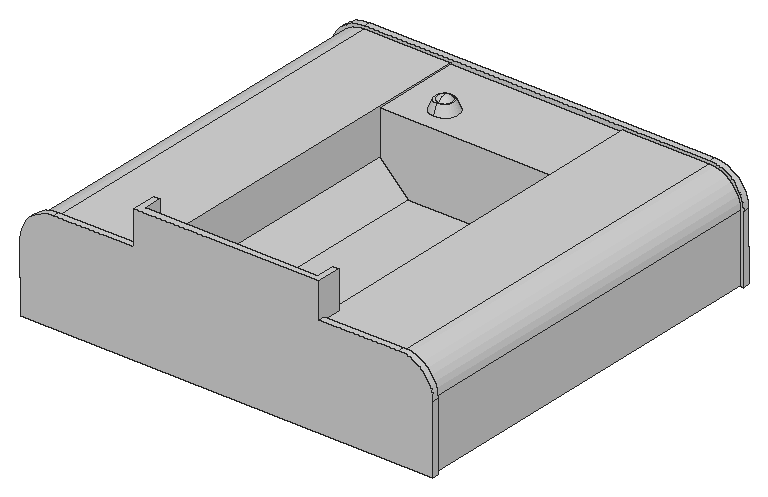
Revit family "Bottle_Filling_Station-Murdock-BF1S", category Plumbing Fixtures, host Face, Revit 2019
Family settings
  Host = Face
  Round Connector Dimension = Use Diameter
  Part Type = Normal
  OmniClass Number = 23.65.70.14.11
  OmniClass Title = Drinking Fountains/Coolers
  Cut with Voids When Loaded = No
  Shared = Yes
  Room Calculation Point = No
Parameters (values of type "BF1S")
  cUPC Compliant = yes
  Width = 4"
  Waste Connection = no
  Warranty Information = "Murdock Mfg.™ warrants that its products are free from defects in material or workmanship under normal use and service for a period of one year from date of shipment."
  WFU = 2  # constant formula
  Vent Connection = no
  URL = "https://www.murdockmfg.com/home"
  Type Comments = ""
  Revised Date = "09/27/2022"  # constant formula
  Product Page URL = "https://www.murdockmfg.com/product.aspx?ProductId=289"
  Product Documentation Link = "https://www.murdockmfg.com/uploads/fileLibrary/A0.BF1S.pdf"
  Model = "BF1S"
  Material = "Metal-Murdock-Stainless Steel"
  Manufacturer = "Murdock"  # constant formula
  Length = 16 1/2"
  Installation Type = "Wall/Deck Mounted"
  Inlet Connection Diameter = 1/2"
  Height = 16"
  HWFU = 1.5  # constant formula
  HW Connection = no
  Finish = Metal-Murdock-Stainless Steel
  Fill Rate = "1 GPM"
  Description = "Deck-Mounted, Heavy-Duty, Push Button Water Bottle Filling Station (A17 Series Add-On) - Stainless Steel"
  Default Elevation = 0"
  Creation Date = "27/11/2013"  # constant formula
  Compliance Certifications = "ANSI A117.1, Public Law 111-380 (NO-LEAD), CHSC 116875 and NSF/ANSI 61, Section 9."
  CWFU = 1.5  # constant formula
  CW Connection = yes
  Assembly Code = "D2010820"
  Activation = "Push Button"
  ADA Compliant = yes
  -WF1 1500-gallon capacity, NSF 42+53, 1 micron Lead Reduction Water Filter = no
Reference planes (in)
  plane 1 "Center (Front/Back)": y = 0
  plane 2: z = 0
  plane 3 "Center (Left/Right)": x = 0
  plane 4: x = 8.25
  plane 5: x = -8.25
  plane 6: y = 16
  plane 7: z = 4
  plane 8: y = 12.125
  plane 9: y = 13.25
  plane 10: x = -3.5
  plane 11: x = 3.5
  plane 12: x = 3.75
  plane 13: x = -3.75
  plane 14: x = 3.75
  plane 15: x = -3.75
  plane 16: z = 5.5
  plane 17: y = 0.25
  plane 18: y = 15.75
  plane 19: x = -1.74944
  plane 20: x = -5
  plane 21: z = 2
Forms (in)
  Extrusion 1, solid, material "Metal-Murdock-Stainless Steel" <- "Finish"
    sketch origin (0, 0, 0) x (1, 0, 0) y (0, 0, 1)
      loop
        line (7, 4) -> (-7, 4)
        arc (-7, 4) -> (-7.88388, 3.63388) -> (-8.25, 2.75) r 1.25
        line (-8.25, 2.75) -> (-8.25, 0) -> (8.25, 0) -> (8.25, 2.75)
        arc (8.25, 2.75) -> (7.88388, 3.63388) -> (7, 4) r 1.25
    from 0 to -16
  Extrusion 2, void
    sketch origin (3.5, 12.125, 48) x (0, -1, 0) y (0, 0, -1)
      loop
        line (12.125, 44) -> (11.55324, 46.68991) -> (0, 46.68991) -> (0, 44) -> (12.125, 44)
    from -1.33579 to -5.83579
  Extrusion 3, void
    sketch origin (0, 0, 3.875) x (1, 0, 0) y (0, 1, 0)
      loop
        line (-3.5, 12.125) -> (3.5, 12.125) -> (3.5, 16) -> (-3.5, 16) -> (-3.5, 12.125)
    from 0.06339 to 0.125
  Extrusion 4, void
    sketch origin (0, 0, 0) x (-1, 0, 0) y (0, 0, 1)
      loop
        line (-3.5, 5.42672) -> (-3.5, 2.34829) -> (-2.16421, 1.0125) -> (2.33579, 1.0125) -> (3.5, 2.17672) -> (3.5, 5.42672) -> (-3.5, 5.42672)
    from 0 to 12.125
  Extrusion 5, solid, material "Metal-Murdock-Stainless Steel" <- "Finish"
    sketch origin (0, 0, 0) x (1, 0, 0) y (0, 0, 1)
      loop
        line (3.75, 5.5193) -> (-3.75, 5.5193) -> (-3.75, 2.57417) -> (-2.33579, 1.0125) -> (2.16421, 1.0125) -> (3.75, 2.59829) -> (3.75, 5.5193)
    from -0.87022 to 0
  Extrusion 6, solid, material "Metal-Murdock-Stainless Steel" <- "Finish"
    sketch origin (0, 0, 0) x (1, 0, 0) y (0, 0, 1)
      loop
        line (-8.375, 0) -> (8.375, 0) -> (8.375, 2.75)
        arc (8.375, 2.75) -> (7.97227, 3.72227) -> (7, 4.125) r 1.375
        line (7, 4.125) -> (-7, 4.125)
        arc (-7, 4.125) -> (-7.97227, 3.72227) -> (-8.375, 2.75) r 1.375
        line (-8.375, 2.75) -> (-8.375, 0)
    from 0 to -16
  Extrusion 7, void
    sketch origin (3.5, 12.125, 48) x (0, -1, 0) y (0, 0, -1)
      loop
        line (11.875, 42.4807) -> (11.875, 48) -> (-3.625, 48) -> (-3.625, 42.4807) -> (11.875, 42.4807)
    from -12.07169 to 5.19762
  Revolve 8, solid, material "Metal-Murdock-Stainless Steel" <- "Finish"
    sketch origin (-1.74944, 12.125, 48) x (0, 1, 0) y (0, 0, 1)
      loop
        arc (1.40867, -43.6126) -> (1.28755, -43.49619) -> (1.125, -43.45379) r 0.33276
        line (1.125, -43.45379) -> (1.125, -44) -> (1.66769, -44) -> (1.50325, -43.6126) -> (1.40867, -43.6126)
      axis (1.125, -44) -> (1.125, -43.45379)
    angle from 0 to 360
  Extrusion 9, solid, material "Metal-Murdock-Stainless Steel" <- "Finish"
    sketch origin (3.75, 0, 2.59829) x (0, 0, 1) y (0, -1, 0)
      loop
        line (2.92101, -0.25) -> (1.40171, -0.25) -> (1.40171, -1) -> (2.92101, -1) -> (2.92101, -0.25)
    from -0.25 to 0
  Extrusion 10, solid, material "Metal-Murdock-Stainless Steel" <- "Finish"
    sketch origin (-3.75, 0, 2.59829) x (0, 0, 1) y (0, 1, 0)
      loop
        line (2.92101, 0.25) -> (2.92101, 1) -> (1.40171, 1) -> (1.40171, 0.25) -> (2.92101, 0.25)
    from -0.25 to 0
  Extrusion 11, solid, material "Metal-Murdock-Stainless Steel" <- "Finish"
    sketch origin (-3.75, 16, 4.125) x (0, 0, -1) y (1, 0, 0)
      loop
        circle (2.125, -1.25) r 0.25
    from 15.75 to 16
Cuts and joins
  Extrusion 2, Extrusion 3, Extrusion 4 cuts Extrusion 1
  Extrusion 7 cuts Extrusion 5
  Extrusion 7 cuts Extrusion 6
  joined: Extrusion 1, Extrusion 5, Extrusion 6, Extrusion 9, Extrusion 10, Extrusion 11
Lines and regions (in)
  Masking region 1
    outline origin (0, 16, 0) x (1, 0, 0) y (0, 0, 1)
      loop
        arc (-7, 4.125) -> (-7.97227, 3.72227) -> (-8.375, 2.75) r 1.375
        line (-8.375, 2.75) -> (-8.375, 0) -> (8.375, 0) -> (8.375, 2.75)
        arc (8.375, 2.75) -> (7.97227, 3.72227) -> (7, 4.125) r 1.375
        line (7, 4.125) -> (3.75, 4.125) -> (3.75, 5.5193) -> (-3.75, 5.5193) -> (-3.75, 4.125) -> (-7, 4.125)
  symbolic lines, detail levels medium+fine
    curve 1: line (7, 16, 4.125) -> (-7, 16, 4.125)
    curve 2: line (-3.5, 16, 4.125) -> (-3.5, 16, 5.5193)
    curve 3: line (3.5, 16, 5.5193) -> (3.5, 16, 4.125)
  symbolic lines, detail levels fine
    curve 4: line (-2.12769, 16, 4.3874) -> (-1.37119, 16, 4.3874)
    curve 5: line (-2.12769, 16, 4.3874) -> (-2.23907, 16, 4.125)
    curve 6: arc (-2.02593, 16, 4.3874) -> (-1.74585, 16, 4.54512) -> (-1.46577, 16, 4.3874) r 0.32754
    curve 7: line (-1.37119, 16, 4.3874) -> (-1.25981, 16, 4.125)
Dimensions and locks (in)
  plane 6 to plane 1 "Center (Front/Back)" = 16"
  plane 5 to plane 4 = 16 1/2"
  plane 8 to plane 1 "Center (Front/Back)" = 12 1/8"
  plane 9 to plane 8 = 1 1/8"
  plane 20 to plane 3 "Center (Left/Right)" = 5"
  host face to plane 21 = 2"
  aligned and locked: plane 2 to host face
  aligned and locked: level to host face
  aligned and locked: plane 20 to Extrusion 11 sketch curve
  aligned and locked: plane 21 to Extrusion 11 sketch curve
Connectors (in)
  piping at (-5, 0, 2), diameter 0.5, driven by "Inlet Connection Diameter", driven by "CWFU"
    settings: on Extrusion 11, index 1, connector inside diameter 24", connector length 0", flow factor 0, pipe flow 0 GPM, pressure drop 0.00 psi, fitting loss kfactor 0, connector angle 0.00°, fixture units 1.5, engagement length 0", angle of deflection 0.00°, flow configuration 3, flow direction 1, fitting loss method 0, system type 20, joint type 0, gender type 0, connector reference index -1, connector utility 0, adjustable connector no, is connector primary yes, connector description "1/2\" OD Inlet Connection"
